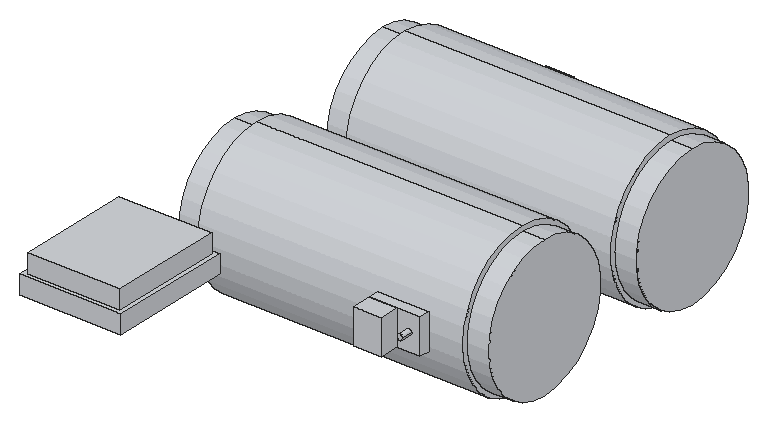
Revit family "SMART box 1  (supply-exhaust-controls)_2", category Příslušenství potrubí, Revit 2018
Family settings
  Kóta kulaté spojky = Použít průměr
  Typ dílu = Zalomí se do
  Číslo OmniClass = 23.75.00.00
  Nadpis OmniClass = Climate Control (HVAC)
  Založené na pracovní rovině = Ne
  Vždy vertikální = Ano
  Ořezat dutým tvarem při načtení = Ne
  Sdílené = Ne
Parameters (values of type "SMART Box 315 / 315")
  Width [instance] = 1.33 mm
  Weight [instance] = 16.00 kg
  URL = ""
  Type [instance] = "SMART Box 315 / 315"
  Total_SFP [instance] = 0
  Supply_outlet_hum [instance] = 0
  Supply_inlet_hum [instance] = 0
  Supply_ext_pressure [instance] = 0.0 Pa
  Supply_SFP [instance] = 0
  Source_adu_file [instance] = ""
  Recuperation_type [instance] = ""
  Recuperation_efficiency_EN308 [instance] = 0
  Project_name [instance] = ""
  Project_date [instance] = "23.8.2023"
  Power_supply_fusing [instance] = "0"
  Power_supply_cable [instance] = "0"
  Position [instance] = "SMART box 1  (supply-exhaust-controls)"
  Phases_count [instance] = 0
  Panel_thickness [instance] = 0.06 mm
  Outer_surface [instance] = "RAL 9002"
  Length [instance] = 0.7 mm
  Insulation_type [instance] = "PUR"
  Insulation_thickness [instance] = 0.05 mm
  Installation_environment [instance] = ""
  Input_power_max [instance] = 0 W
  Inner_surface [instance] = "Pozink"
  Height [instance] = 0.335 mm
  Exhaust_outlet_hum [instance] = 0
  Exhaust_inlet_hum [instance] = 40
  Exhaust_ext_pressure [instance] = 0.0 Pa
  Exhaust_SFP [instance] = 0
  E2 [instance] = 0.0 L/s
  I1 [instance] = 0.0 L/s
  Description = ""
  M1 [instance] = 0.0 L/s
  Device_dutypoint_version [instance] = "0"
  Device_design_version [instance] = "1"
  Device_adu_id [instance] = "2"
  Current_max [instance] = 0 A
  Casing_mat [instance] = "painted zinc layer"
  Cable type [instance] = ""
Reference planes
  plane 1 "Střed (vpředu/vzadu)": y = 0
  plane 2 "ref": z = 0
  plane 3 "Střed (vlevo/vpravo)": x = 0
Forms (mm)
  Sweep 1, solid
    path origin (50, 1059, 168) x (0, 0, -1) y (1, 0, 0)
      loop
        line (0, 0) -> (0, 600)
    profile origin (50, 1059, 168) x (0, 0, 1) y (0, -1, 0)
      loop
        circle (0, 0) r 168
  Sweep 2, solid
    path origin (50, 1059, 168) x (0, 0, -1) y (1, 0, 0)
      loop
        line (0, 0) -> (0, -50)
    profile origin (50, 1059, 168) x (0, 0, -1) y (0, -1, 0)
      loop
        circle (0, 0) r 158
  Sweep 3, solid
    path origin (650, 1059, 168) x (0, 0, -1) y (1, 0, 0)
      loop
        line (0, 0) -> (0, 50)
    profile origin (650, 1059, 168) x (0, 0, 1) y (0, -1, 0)
      loop
        circle (0, 0) r 158
  Sweep 4, solid
    path origin (0, 0, 128) x (0, 0, 1) y (1, 0, 0)
      loop
        line (0, 0) -> (80, 0)
    profile origin (0, 0, 128) x (1, 0, 0) y (0, 1, 0)
      loop
        line (129, 1226) -> (243, 1226) -> (243, 1250) -> (129, 1250) -> (129, 1226)
  Sweep 5, solid
    path origin (0, 0, 128) x (0, 0, 1) y (1, 0, 0)
      loop
        line (0, 0) -> (80, 0)
    profile origin (0, 0, 128) x (1, 0, 0) y (0, 1, 0)
      loop
        line (180, 1250) -> (243, 1250) -> (243, 1294) -> (180, 1294) -> (180, 1250)
  Sweep 6, solid
    path origin (154, 1250, 168) x (0, 1, 0) y (-1, 0, 0)
      loop
        line (0, 0) -> (24, 0)
    profile origin (154, 1250, 168) x (-1, 0, 0) y (0, 0, 1)
      loop
        circle (0, 0) r 6
  Sweep 7, solid
    path origin (50, 641, 168) x (0, 0, -1) y (1, 0, 0)
      loop
        line (0, 0) -> (0, 600)
    profile origin (50, 641, 168) x (0, 0, 1) y (0, -1, 0)
      loop
        circle (0, 0) r 168
  Sweep 8, solid
    path origin (50, 641, 168) x (0, 0, -1) y (1, 0, 0)
      loop
        line (0, 0) -> (0, -50)
    profile origin (50, 641, 168) x (0, 0, -1) y (0, -1, 0)
      loop
        circle (0, 0) r 158
  Sweep 9, solid
    path origin (650, 641, 168) x (0, 0, -1) y (1, 0, 0)
      loop
        line (0, 0) -> (0, 50)
    profile origin (650, 641, 168) x (0, 0, 1) y (0, -1, 0)
      loop
        circle (0, 0) r 158
  Sweep 10, solid
    path origin (0, 0, 128) x (0, 0, 1) y (1, 0, 0)
      loop
        line (0, 0) -> (80, 0)
    profile origin (0, 0, 128) x (1, 0, 0) y (0, 1, 0)
      loop
        line (457, 473) -> (457, 450) -> (572, 450) -> (572, 473) -> (457, 473)
  Sweep 11, solid
    path origin (0, 0, 128) x (0, 0, 1) y (1, 0, 0)
      loop
        line (0, 0) -> (80, 0)
    profile origin (0, 0, 128) x (1, 0, 0) y (0, 1, 0)
      loop
        line (457, 450) -> (457, 406) -> (520, 406) -> (520, 450) -> (457, 450)
  Sweep 12, solid
    path origin (546, 450, 168) x (0, 1, 0) y (-1, 0, 0)
      loop
        line (0, 0) -> (-24, 0)
    profile origin (546, 450, 168) x (1, 0, 0) y (0, 0, 1)
      loop
        circle (0, 0) r 6
  Sweep 13, solid
    path origin (0, 0, 279) x (0, 0, 1) y (1, 0, 0)
      loop
        line (0, 0) -> (42, 0)
    profile origin (0, 0, 279) x (1, 0, 0) y (0, 1, 0)
      loop
        line (13, 40) -> (222, 40) -> (222, 298) -> (13, 298) -> (13, 40)
  Sweep 14, solid
    path origin (0, 0, 237) x (0, 0, 1) y (1, 0, 0)
      loop
        line (0, 0) -> (42, 0)
    profile origin (0, 0, 237) x (1, 0, 0) y (0, 1, 0)
      loop
        line (4, 30) -> (232, 30) -> (232, 308) -> (4, 308) -> (4, 30)
Lines and regions (mm)
  model lines
    curve 1: line (100, 0, 335) -> (100, 473, 335)
    curve 2: line (100, 473, 335) -> (135, 473, 335)
    curve 3: line (135, 473, 335) -> (135, 0, 335)
    curve 4: line (135, 0, 335) -> (100, 0, 335)
    curve 5: line (100, 0, 320) -> (100, 473, 320)
    curve 6: line (100, 473, 320) -> (135, 473, 320)
    curve 7: line (135, 473, 320) -> (135, 0, 320)
    curve 8: line (135, 0, 320) -> (100, 0, 320)
    curve 9: line (100, 0, 320) -> (100, 0, 335)
    curve 10: line (100, 0, 335) -> (100, 473, 335)
    curve 11: line (100, 473, 335) -> (100, 473, 320)
    curve 12: line (100, 473, 320) -> (100, 0, 320)
    curve 13: line (135, 0, 320) -> (135, 0, 335)
    curve 14: line (135, 0, 335) -> (135, 473, 335)
    curve 15: line (135, 473, 335) -> (135, 473, 320)
    curve 16: line (135, 473, 320) -> (135, 0, 320)
    curve 17: line (100, 473, 335) -> (100, 891, 335)
    curve 18: line (100, 891, 335) -> (135, 891, 335)
    curve 19: line (135, 891, 335) -> (135, 473, 335)
    curve 20: line (135, 473, 335) -> (100, 473, 335)
    curve 21: line (100, 473, 320) -> (100, 891, 320)
    curve 22: line (100, 891, 320) -> (135, 891, 320)
    curve 23: line (135, 891, 320) -> (135, 473, 320)
    curve 24: line (135, 473, 320) -> (100, 473, 320)
    curve 25: line (100, 473, 320) -> (100, 473, 335)
    curve 26: line (100, 473, 335) -> (100, 891, 335)
    curve 27: line (100, 891, 335) -> (100, 891, 320)
    curve 28: line (100, 891, 320) -> (100, 473, 320)
    curve 29: line (135, 473, 320) -> (135, 473, 335)
    curve 30: line (135, 473, 335) -> (135, 891, 335)
    curve 31: line (135, 891, 335) -> (135, 891, 320)
    curve 32: line (135, 891, 320) -> (135, 473, 320)
    curve 33: line (100, 891, 335) -> (100, 1329, 335)
    curve 34: line (100, 1329, 335) -> (135, 1329, 335)
    curve 35: line (135, 1329, 335) -> (135, 891, 335)
    curve 36: line (135, 891, 335) -> (100, 891, 335)
    curve 37: line (100, 891, 320) -> (100, 1329, 320)
    curve 38: line (100, 1329, 320) -> (135, 1329, 320)
    curve 39: line (135, 1329, 320) -> (135, 891, 320)
    curve 40: line (135, 891, 320) -> (100, 891, 320)
    curve 41: line (100, 891, 320) -> (100, 891, 335)
    curve 42: line (100, 891, 335) -> (100, 1329, 335)
    curve 43: line (100, 1329, 335) -> (100, 1329, 320)
    curve 44: line (100, 1329, 320) -> (100, 891, 320)
    curve 45: line (135, 891, 320) -> (135, 891, 335)
    curve 46: line (135, 891, 335) -> (135, 1329, 335)
    curve 47: line (135, 1329, 335) -> (135, 1329, 320)
    curve 48: line (135, 1329, 320) -> (135, 891, 320)
    curve 49: line (100, 665, 320) -> (100, 665, 335)
    curve 50: line (100, 665, 335) -> (135, 665, 335)
    curve 51: line (135, 665, 335) -> (135, 665, 320)
    curve 52: line (135, 665, 320) -> (100, 665, 320)
    curve 53: line (100, 1329, 320) -> (100, 1329, 335)
    curve 54: line (100, 1329, 335) -> (135, 1329, 335)
    curve 55: line (135, 1329, 335) -> (135, 1329, 320)
    curve 56: line (135, 1329, 320) -> (100, 1329, 320)
    curve 57: line (100, 0, 320) -> (100, 0, 335)
    curve 58: line (100, 0, 335) -> (135, 0, 335)
    curve 59: line (135, 0, 335) -> (135, 0, 320)
    curve 60: line (135, 0, 320) -> (100, 0, 320)
    curve 61: line (565, 370, 335) -> (565, 473, 335)
    curve 62: line (565, 473, 335) -> (600, 473, 335)
    curve 63: line (600, 473, 335) -> (600, 370, 335)
    curve 64: line (600, 370, 335) -> (565, 370, 335)
    curve 65: line (565, 370, 320) -> (565, 473, 320)
    curve 66: line (565, 473, 320) -> (600, 473, 320)
    curve 67: line (600, 473, 320) -> (600, 370, 320)
    curve 68: line (600, 370, 320) -> (565, 370, 320)
    curve 69: line (565, 370, 320) -> (565, 370, 335)
    curve 70: line (565, 370, 335) -> (565, 473, 335)
    curve 71: line (565, 473, 335) -> (565, 473, 320)
    curve 72: line (565, 473, 320) -> (565, 370, 320)
    curve 73: line (600, 370, 320) -> (600, 370, 335)
    curve 74: line (600, 370, 335) -> (600, 473, 335)
    curve 75: line (600, 473, 335) -> (600, 473, 320)
    curve 76: line (600, 473, 320) -> (600, 370, 320)
    curve 77: line (565, 473, 335) -> (565, 891, 335)
    curve 78: line (565, 891, 335) -> (600, 891, 335)
    curve 79: line (600, 891, 335) -> (600, 473, 335)
    curve 80: line (600, 473, 335) -> (565, 473, 335)
    curve 81: line (565, 473, 320) -> (565, 891, 320)
    curve 82: line (565, 891, 320) -> (600, 891, 320)
    curve 83: line (600, 891, 320) -> (600, 473, 320)
    curve 84: line (600, 473, 320) -> (565, 473, 320)
    curve 85: line (565, 473, 320) -> (565, 473, 335)
    curve 86: line (565, 473, 335) -> (565, 891, 335)
    curve 87: line (565, 891, 335) -> (565, 891, 320)
    curve 88: line (565, 891, 320) -> (565, 473, 320)
    curve 89: line (600, 473, 320) -> (600, 473, 335)
    curve 90: line (600, 473, 335) -> (600, 891, 335)
    curve 91: line (600, 891, 335) -> (600, 891, 320)
    curve 92: line (600, 891, 320) -> (600, 473, 320)
    curve 93: line (565, 891, 335) -> (565, 1329, 335)
    curve 94: line (565, 1329, 335) -> (600, 1329, 335)
    curve 95: line (600, 1329, 335) -> (600, 891, 335)
    curve 96: line (600, 891, 335) -> (565, 891, 335)
    curve 97: line (565, 891, 320) -> (565, 1329, 320)
    curve 98: line (565, 1329, 320) -> (600, 1329, 320)
    curve 99: line (600, 1329, 320) -> (600, 891, 320)
    curve 100: line (600, 891, 320) -> (565, 891, 320)
    curve 101: line (565, 891, 320) -> (565, 891, 335)
    curve 102: line (565, 891, 335) -> (565, 1329, 335)
    curve 103: line (565, 1329, 335) -> (565, 1329, 320)
    curve 104: line (565, 1329, 320) -> (565, 891, 320)
    curve 105: line (600, 891, 320) -> (600, 891, 335)
    curve 106: line (600, 891, 335) -> (600, 1329, 335)
    curve 107: line (600, 1329, 335) -> (600, 1329, 320)
    curve 108: line (600, 1329, 320) -> (600, 891, 320)
    curve 109: line (600, 850, 320) -> (600, 850, 335)
    curve 110: line (600, 850, 335) -> (565, 850, 335)
    curve 111: line (565, 850, 335) -> (565, 850, 320)
    curve 112: line (565, 850, 320) -> (600, 850, 320)
    curve 113: line (600, 1329, 320) -> (600, 1329, 335)
    curve 114: line (600, 1329, 335) -> (565, 1329, 335)
    curve 115: line (565, 1329, 335) -> (565, 1329, 320)
    curve 116: line (565, 1329, 320) -> (600, 1329, 320)
    curve 117: line (600, 370, 320) -> (600, 370, 335)
    curve 118: line (600, 370, 335) -> (565, 370, 335)
    curve 119: line (565, 370, 335) -> (565, 370, 320)
    curve 120: line (565, 370, 320) -> (600, 370, 320)
    curve 121: line (544, 1086, 335) -> (544, 1032, 335)
    curve 122: line (544, 1032, 335) -> (443, 1032, 335)
    curve 123: line (443, 1032, 335) -> (443, 992, 335)
    curve 124: line (443, 992, 335) -> (389, 1059, 335)
    curve 125: line (389, 1059, 335) -> (443, 1126, 335)
    curve 126: line (443, 1126, 335) -> (443, 1086, 335)
    curve 127: line (443, 1086, 335) -> (544, 1086, 335)
    curve 128: line (156, 614, 335) -> (156, 668, 335)
    curve 129: line (156, 668, 335) -> (257, 668, 335)
    curve 130: line (257, 668, 335) -> (257, 708, 335)
    curve 131: line (257, 708, 335) -> (311, 641, 335)
    curve 132: line (311, 641, 335) -> (257, 574, 335)
    curve 133: line (257, 574, 335) -> (257, 614, 335)
    curve 134: line (257, 614, 335) -> (156, 614, 335)
    curve 135: line (49, 252, 320) -> (26, 152, 320)
    curve 136: line (26, 152, 320) -> (72, 186, 320)
    curve 137: line (72, 186, 320) -> (49, 86, 320)
    curve 138: line (51, 129, 320) -> (49, 86, 320)
    curve 139: line (49, 86, 320) -> (67, 126, 320)
    curve 140: line (222, 194, 279) -> (222, 164, 301)
    curve 141: line (222, 164, 301) -> (222, 174, 256)
    curve 142: line (222, 174, 256) -> (222, 144, 279)
    curve 143: line (222, 157, 276) -> (222, 144, 279)
    curve 144: line (222, 144, 279) -> (222, 156, 260)
    curve 145: line (13, 194, 279) -> (13, 164, 256)
    curve 146: line (13, 164, 256) -> (13, 174, 301)
    curve 147: line (13, 174, 301) -> (13, 144, 279)
    curve 148: line (13, 157, 281) -> (13, 144, 279)
    curve 149: line (13, 144, 279) -> (13, 156, 297)
    curve 150: circle (117, 1315, 320) r 4 normal (0, 0, 1)
    curve 151: circle (117, 15, 320) r 4 normal (0, 0, 1)
    curve 152: circle (117, 1315, 335) r 4 normal (0, 0, 1)
    curve 153: circle (117, 15, 335) r 4 normal (0, 0, 1)
    curve 154: circle (583, 1315, 320) r 4 normal (0, 0, 1)
    curve 155: circle (583, 386, 320) r 4 normal (0, 0, 1)
    curve 156: circle (583, 1315, 335) r 4 normal (0, 0, 1)
    curve 157: circle (583, 386, 335) r 4 normal (0, 0, 1)
    curve 158: circle (50, 1059, 168) r 168 normal (1, 0, 0)
    curve 159: circle (650, 1059, 168) r 168 normal (1, 0, 0)
    curve 160: circle (650, 1059, 168) r 158 normal (1, 0, 0)
    curve 161: circle (50, 1059, 168) r 158 normal (1, 0, 0)
    curve 162: circle (50, 641, 168) r 168 normal (1, 0, 0)
    curve 163: circle (650, 641, 168) r 168 normal (1, 0, 0)
    curve 164: circle (650, 641, 168) r 158 normal (1, 0, 0)
    curve 165: circle (50, 641, 168) r 158 normal (1, 0, 0)
Dimensions and locks
  aligned and locked: level to plane 2 "ref"
Connectors
  hvac at (0, 1059, 168), driven by "E2"
    settings: on Sweep 2, index 1, duct flow 0.0 L/s, flow factor 1, pres drop 0.0 Pa, loss coef 0, conn angle 0.00°, conn width 304.8 mm, conn height 304.8 mm, conn diameter 315 mm, duct sys type 1, conn prof type 0, flow config 2, flow direction 2, loss method 0, conn ref index -1, conn util no, is conn primary yes, conn desc ""
  hvac at (700, 1059, 168), driven by "E2"
    settings: on Sweep 3, index 2, duct flow 0.0 L/s, flow factor 0, pres drop 0.0 Pa, loss coef 0, conn angle 0.00°, conn width 304.8 mm, conn height 304.8 mm, conn diameter 315 mm, duct sys type 1, conn prof type 0, flow config 1, flow direction 1, loss method 0, conn ref index -1, conn util no, is conn primary no, conn desc ""
  hvac at (0, 641, 168), driven by "I1"
    settings: on Sweep 8, index 3, duct flow 0.0 L/s, flow factor 1, pres drop 0.0 Pa, loss coef 0, conn angle 0.00°, conn width 304.8 mm, conn height 304.8 mm, conn diameter 315 mm, duct sys type 3, conn prof type 0, flow config 2, flow direction 1, loss method 0, conn ref index -1, conn util no, is conn primary no, conn desc ""
  hvac at (700, 641, 168), driven by "I1"
    settings: on Sweep 9, index 4, duct flow 0.0 L/s, flow factor 0, pres drop 0.0 Pa, loss coef 0, conn angle 0.00°, conn width 304.8 mm, conn height 304.8 mm, conn diameter 315 mm, duct sys type 3, conn prof type 0, flow config 1, flow direction 2, loss method 0, conn ref index -1, conn util no, is conn primary no, conn desc ""
